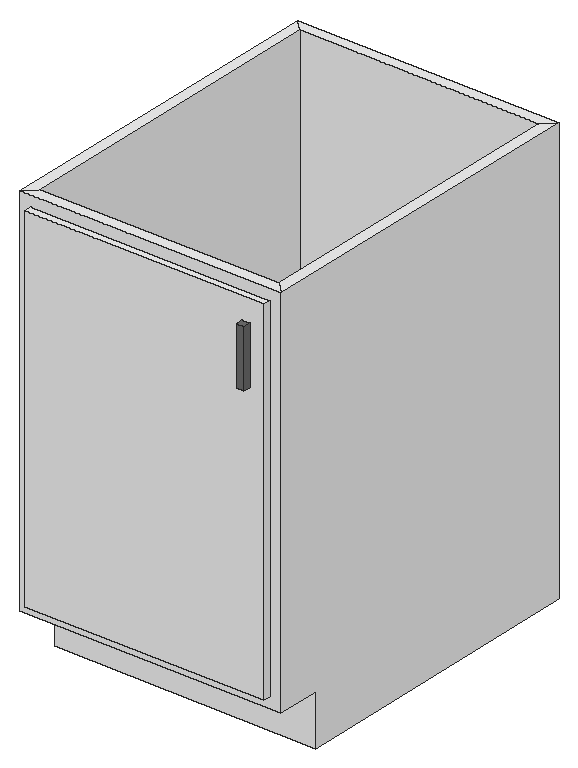
Revit family "9a96bde440ed4427bed4ba508bd4354b", category Casework, Revit 2021
Family settings
  OmniClass Number = 23.40.35.17.47.14
  OmniClass Title = Bathroom Casework
  Seek Item ID = Vanity Cabinet-Single Door-0000-USA-ENU
  Work Plane-Based = No
  Always vertical = Yes
  Cut with Voids When Loaded = No
  Shared = No
  Room Calculation Point = No
Parameters (values of type "18"")
  Default Elevation = 0' - 0"
  Assembly Code = "C1030410"
  Cabinet Material = none
  Depth = 2' - 0"
  Drawers Material = none
  Handle Material = Cabinets - Handles
  Height = 2' - 5 1/2"
  Toe Depth = 0' - 3"
  Toe Height = 0' - 3 1/2"
  Width = 1' - 6"
Types (6): name | Width
  (no name) | 1' - 6"
  24" | 2' - 0"
  18" | 1' - 6"
  12" | 1' - 0"
  15"' | 1' - 3"
  21" | 1' - 9"
Reference planes (in)
  plane 1 "Back": y = 0
  plane 2: z = 0
  plane 3 "Center": x = 0.7377
  plane 4 "Left": x = -8.2623
  plane 5 "Right": x = 9.7377
  plane 6 "Front": y = -24
  plane 7 "Top": z = 29.5
  plane 8: y = -21
  plane 9: z = 3.5
  plane 10: z = 28.75
  plane 11: z = 4.25
  plane 12: x = -7.5123
  plane 13: x = 8.9877
  plane 14: z = 27.25
  plane 15: z = 23.25
  plane 16: x = 7.9877
  plane 17: x = 7.4877
Forms (in)
  Extrusion 1, solid, material <- "Cabinet Material"
    sketch origin (0, 0, 0) x (1, 0, 0) y (0, 1, 0)
      loop
        line (-8.2623, 0) -> (-8.2623, -21) -> (9.7377, -21) -> (9.7377, 0) -> (-8.2623, 0)
    from 0 to 3.5
  Sweep 2, solid, material <- "Cabinet Material"
    path origin (0, 0, 0) x (1, 0, 0) y (0, 1, 0)
      loop
        line (9.7377, 0) -> (-8.2623, 0) -> (-8.2623, -24) -> (9.7377, -24) -> (9.7377, 0)
    profile origin (0, -12, 0) x (1, 0, 0) y (0, 0, 1)
      loop
        line (9.7377, 3.5) -> (9.7377, 29.5) -> (8.9877, 29.5) -> (8.9877, 3.5) -> (9.7377, 3.5)
  Extrusion 3, solid, material "Cabinets"
    sketch origin (0, 0, 0) x (1, 0, 0) y (0, 1, 0)
      loop
        line (-7.5123, -0.75) -> (-7.5123, -23.25) -> (8.9877, -23.25) -> (8.9877, -0.75) -> (-7.5123, -0.75)
    from 4.25 to 3.5
  Extrusion 4, solid, material <- "Drawers Material"
    sketch origin (0, -24, 0) x (1, 0, 0) y (0, 0, 1)
      loop
        line (-7.5123, 28.75) -> (-7.5123, 4.25) -> (8.9877, 4.25) -> (8.9877, 28.75) -> (-7.5123, 28.75)
    from 0 to 0.5
  Extrusion 5, solid, material "Cabinets - Handles" <- "Handle Material"
    sketch origin (0, -24, 0) x (1, 0, 0) y (0, 0, 1)
      loop
        line (7.4877, 27.25) -> (7.4877, 23.25) -> (7.9877, 23.25) -> (7.9877, 27.25) -> (7.4877, 27.25)
    from 0.5 to 1
Cuts and joins
  joined: Extrusion 1, Sweep 2
Lines and regions (in)
  Masking region 1
    outline origin (0, 0, 0) x (1, 0, 0) y (0, 1, 0)
      loop
        line (-8.2623, 0) -> (-8.2623, -24) -> (9.7377, -24) -> (9.7377, 0) -> (-8.2623, 0)
  model lines
    curve 1: line (-7.5123, -24, 28.75) -> (8.9877, -24, 28.75)
    curve 2: line (8.9877, -24, 4.25) -> (-7.5123, -24, 4.25)
    curve 3: line (8.9877, -24, 28.75) -> (8.9877, -24, 4.25)
    curve 4: line (-7.5123, -24, 4.25) -> (-7.5123, -24, 28.75)
    curve 5: line (7.4877, -24, 27.25) -> (7.9877, -24, 27.25)
    curve 6: line (7.4877, -24, 23.25) -> (7.4877, -24, 27.25)
    curve 7: line (7.9877, -24, 23.25) -> (7.4877, -24, 23.25)
    curve 8: line (7.9877, -24, 27.25) -> (7.9877, -24, 23.25)
  model lines, style "InvisibleLines"
    curve 9: line (-7.5123, -24, 16.5) -> (-8.2623, -24, 16.5)
  model lines, style "Elevation Swing"
    curve 10: line (8.9877, -24, 28.75) -> (-7.5123, -24, 16.5)
    curve 11: line (-7.5123, -24, 16.5) -> (8.9877, -24, 4.25)
Dimensions and locks (in)
  "Depth": plane 6 "Front" to plane 1 "Back"
  "Width": plane 4 "Left" to plane 5 "Right"
  equal spacing: plane 4 "Left", plane 3 "Center", plane 5 "Right"
  "Height": level to plane 7 "Top"
  "Toe Height": plane 2 to plane 9
  "Toe Depth": plane 6 "Front" to plane 8
  locked: plane 4 "Left" to plane 12 at 0.75
  locked: plane 13 to plane 5 "Right" at 0.75
  locked: plane 7 "Top" to plane 10 at 0.75
  locked: plane 11 to plane 9 at 0.75
  locked: plane 14 to plane 15 at 4
  plane 17 to plane 16 to plane 13 = 0' - 0 1/2" locked, 0' - 1" locked
  plane 10 to plane 14 = 0' - 1 1/2"
  equal spacing: plane 10, curve 9, plane 11
  aligned and locked: plane 1 "Back" to Extrusion 1 sketch curve
  aligned and locked: Extrusion 1 sketch curve to plane 5 "Right"
  aligned and locked: Extrusion 1 sketch curve to plane 8
  aligned and locked: plane 4 "Left" to Extrusion 1 sketch curve
  aligned and locked: Extrusion 1 to level
  aligned and locked: Sweep 2 sketch curve to plane 6 "Front"
  aligned and locked: plane 1 "Back" to Sweep 2 sketch curve
  aligned and locked: Sweep 2 sketch curve to plane 5 "Right"  (x2)
  aligned and locked: plane 4 "Left" to Sweep 2 sketch curve
  aligned and locked: plane 7 "Top" to Sweep 2 sketch curve
  aligned and locked: Sweep 2 sketch curve to plane 9
  aligned and locked: Sweep 2 to Extrusion 3 sketch curve  (x2)
  aligned and locked: Extrusion 3 sketch curve to Sweep 2  (x2)
  aligned and locked: plane 11 to Extrusion 3
  aligned and locked: plane 9 to Extrusion 3
  aligned and locked: Extrusion 1 to plane 9
  aligned and locked: Masking region 1 sketch curve to plane 5 "Right"
  aligned and locked: plane 1 "Back" to Masking region 1 sketch curve
  aligned and locked: plane 4 "Left" to Masking region 1 sketch curve
  aligned and locked: Masking region 1 sketch curve to plane 6 "Front"
Automatic sketch dimensions
  profile plane to Sweep 2 sketch curve = 0' - 0 3/4"
  curve 10 to plane 10 = 0' - 0"
  curve 10 to plane 13 = 0' - 0"
  curve 1 to plane 10 = 0' - 0"
  curve 1 to plane 13 = 0' - 0"
  curve 11 to plane 11 = 0' - 0"
  curve 11 to plane 13 = 0' - 0"
  curve 8 to plane 15 = 0' - 0"
  curve 8 to plane 16 = 0' - 0"
  curve 6 to plane 17 = 0' - 0"
  curve 4 to plane 12 = 0' - 0"
  curve 10 to plane 12 = 0' - 0"
  curve 9 to plane 4 "Left" = 0' - 0"
  curve 6 to plane 14 = 0' - 0"
  curve 2 to plane 11 = 0' - 0"
  curve 10 to curve 9 = 0' - 0"
  Extrusion 4 sketch curve to plane 11 = 0' - 0"
  Extrusion 4 sketch curve to plane 12 = 0' - 0"
  Extrusion 4 sketch curve to plane 13 = 0' - 0"
  Extrusion 4 sketch curve to plane 10 = 0' - 0"
  Extrusion 5 sketch curve to plane 15 = 0' - 0"
  Extrusion 5 sketch curve to plane 17 = 0' - 0"
  Extrusion 5 sketch curve to plane 16 = 0' - 0"
  Extrusion 5 sketch curve to plane 14 = 0' - 0"
